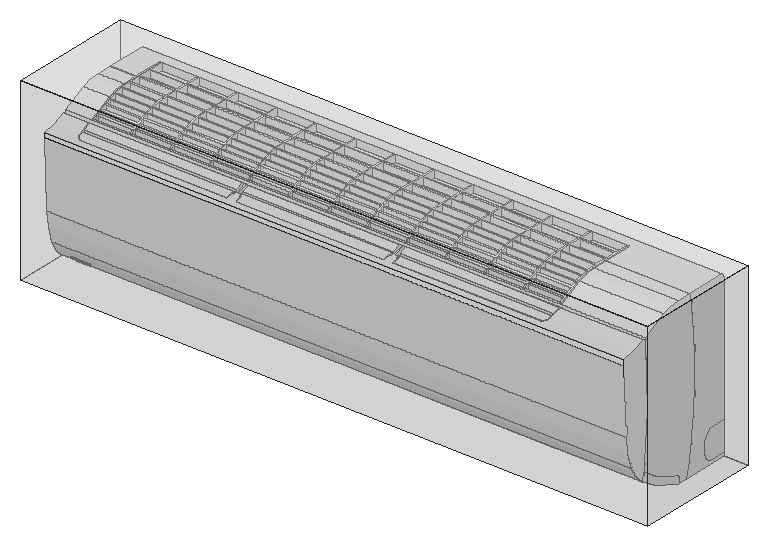
Revit family "outputfile", category 機械設備, Revit 2024
Family settings
  丸型コネクタ寸法 = 半径を使用
  パーツ タイプ = 標準
  OmniClass 番号 = 23.75.10.24.21.27.27
  OmniClass タイトル = Split System Air Conditioning Units
  作業面ベース = いいえ
  常に垂直 = はい
  ロード時にボイドで切り取り = いいえ
  注釈の向きを維持 = いいえ
  共有 = いいえ
  部屋計算ポイント = いいえ
Parameters (values of type "FTKM95PAVMA")
  Description = ""
  製造元 = "Daikin"
  書き出し IFC クラス(タイプ) = "IfcUnitaryEquipmentType"
  定義済み IFC タイプ(タイプ) = "AIRCONDITIONINGUNIT"
  Cost = 0
  モデル = "FTKM95PAVMA"
  Type Comments = ""
  Keynote = ""
  Type Image = (empty or 0)
  Assembly Code = ""
  switch_frequency = yes
  r_Liquid Pipe Size = Liquid Pipe Size / 2  # 3.2 mm
  r_Gas Pipe Size = Gas Pipe Size / 2  # 7.95 mm
  r_Drain Pipe Size = Drain Pipe Size / 2  # 8.0 mm
  lw_powersupply [instance] = if(Left Connection_refrigerant, 389.0 mm, if(Right Connection_refrigerant, 389.0 mm, if(or(Rear Left Connection_refrigerant, Bottom Left Connection_refrigerant), 1120.0 mm, 105.0 mm)))  # 389.0 mm
  lw_liquidpipe [instance] = if(Left Connection_refrigerant, 549.0 mm, if(Right Connection_refrigerant, 549.0 mm, if(or(Rear Left Connection_refrigerant, Bottom Left Connection_refrigerant), 1135.0 mm, 85.0 mm)))  # 549.0 mm
  lw_gaspipe [instance] = if(Left Connection_refrigerant, 489.0 mm, if(Right Connection_refrigerant, 489.0 mm, if(or(Rear Left Connection_refrigerant, Bottom Left Connection_refrigerant), 1150.0 mm, 70.0 mm)))  # 489.0 mm
  lw_drainpipe [instance] = if(Left Connection_refrigerant, 554.0 mm, if(Right Connection_refrigerant, 554.0 mm, if(or(Rear Left Connection_refrigerant, Bottom Left Connection_refrigerant), 1120.0 mm, 105.0 mm)))  # 554.0 mm
  l_powersupply_length [instance] = if(Right Connection_refrigerant, 389.0 mm, if(Left Connection_refrigerant, 811.0 mm, if(or(Rear Left Connection_refrigerant, Rear Right Connection_refrigerant), 15.0 mm, 50.0 mm)))  # 389.0 mm
  l_liquidpipe_length [instance] = if(Right Connection_refrigerant, 549.0 mm, if(Left Connection_refrigerant, 651.0 mm, if(or(Rear Left Connection_refrigerant, Rear Right Connection_refrigerant), 30.0 mm, 40.0 mm)))  # 549.0 mm
  l_gaspipe_length [instance] = if(Right Connection_refrigerant, 489.0 mm, if(Left Connection_refrigerant, 711.0 mm, if(or(Rear Left Connection_refrigerant, Rear Right Connection_refrigerant), 15.0 mm, 25.0 mm)))  # 489.0 mm
  l_drainpipe_length [instance] = if(Right Connection_refrigerant, 554.0 mm, if(Left Connection_refrigerant, 646.0 mm, if(or(Rear Left Connection_refrigerant, Rear Right Connection_refrigerant), 35.0 mm, 30.0 mm)))  # 554.0 mm
  h*** = 0.0 mm  # constant formula
  connector_voltage = Voltage_50Hz  # 230 V
  connector_powerinput = [Power Input (Cooling)]  # 0.000 kW
  connector_phase = Phase_50Hz  # 1
  angle_vertical [instance] = if(or(Bottom Left Connection_refrigerant, Bottom Right Connection_refrigerant), 0.00°, 90.00°)  # 90.00°
  angle_horizontal [instance] = if(Right Connection_refrigerant, 90.00°, if(Left Connection_refrigerant, -90.00°, if(or(Rear Left Connection_refrigerant, Rear Right Connection_refrigerant), 180.00°, 0.00°)))  # 90.00°
  Width = 1200.0 mm
  Voltage_comment_50Hz = "220 - 240"
  Voltage_50Hz = 230 V
  Version = "ver.1.0"
  Unit Type = "Wall Mounted"
  Unit Mass Weight = 17.00 kg
  Unit Designation [instance] = ""
  Uniclass2015Version = "Products v1.30"
  Uniclass2015Title = "Split coil room air conditioning units"
  Uniclass2015Code = "Pr_70_65_03_86"
  URL = ""
  Total Cooling Capacity [instance] = 0.000 kW
  Sound Pressure Level_M speed (dBA) = 48
  Sound Pressure Level_L speed (dBA) = 43
  Sound Pressure Level_H speed (dBA) = 53
  Sound Power Level_H speed (dB) = 0
  Series = "Single Split_Fan Coil Unit"
  Sensible Cooling Capacity [instance] = 0.000 kW
  Refrigerant Type = "R32"
  Power Input (Cooling) = 0.000 kW
  Phase_50Hz = 1
  Option Accessory 3 [instance] = ""
  Option Accessory 2 [instance] = ""
  Option Accessory 1 [instance] = ""
  Nominal Cooling Capacity = 9.400 kW
  Minimum Circuit Amps_50Hz = 0.0 A
  Minimum Airflow = 966.00 m³/h
  Median Airflow = 1160.00 m³/h
  Maximum Fuse Amps_50Hz = 0.0 A
  Maximum Airflow = 1380.00 m³/h
  Material_Casing = DAIKIN_PureWhite_Casing_indoorunit
  Load Classification = HVAC
  Liquid Pipe Size = 6.4 mm
  Link_Nested Family [instance] = ""
  IfcVersion = ""
  IfcExportType = "AIRCONDITIONINGUNIT"
  IfcExportAs = "IfcUnitaryEquipmentType"
  Height = 340.0 mm
  Heat Exchanger Type = "Cross Fin Coil"
  Gas Pipe Size = 15.9 mm
  Frequency_50Hz = 50 Hz
  Fan Type = "Cross Flow Fan"
  Fan Drive = "Direct Drive"
  FCU Tag No. [instance] = ""
  Drain Pipe Size = 16.0 mm
  Design Supply Airflow [instance] = 0.00 m³/h
  Depth = 259.0 mm
  既定の高さ = 0.0 mm
  Cooling Entering Wet Bulb Temperature [instance] = 0.00 °C
  Cooling Entering Dry Bulb Temperature [instance] = 0.00 °C
  Cooling Ambient Wet Bulb Temperature [instance] = 0.00 °C
  Cooling Ambient Dry Bulb Temperature [instance] = 0.00 °C
  Clearance visibility [instance] = yes
  Clearance Top = 30.0 mm
  Clearance Right = 50.0 mm
  Clearance Rear = 0.0 mm
  Clearance Left = 50.0 mm
  Clearance Front = 0.0 mm
  Clearance Bottom = 0.0 mm
  Bottom Right Connection_refrigerant [instance] = no
  Bottom Left Connection_refrigerant [instance] = no
  Rear Right Connection_refrigerant [instance] = no
  Rear Left Connection_refrigerant [instance] = no
  Right Connection_refrigerant [instance] = yes
  Left Connection_refrigerant [instance] = no
Reference planes
  plane 1 "Back": y = 0
  plane 2: z = 0
  plane 3 "Center (Left/Right)": x = 0
  plane 4 "Center (Front/Back)": y = -129.5
  plane 5 "Front": y = -259
  plane 6 "Left": x = -600
  plane 7 "Right": x = 600
  plane 8 "Top": z = 0
  plane 9 "Bottom": z = -340
  plane 10: x = -650
  plane 11: z = -340
  plane 12 "ld_drainpipe": y = -15
  plane 13 "ld_liquidpipe": y = -30
  plane 14: x = 111
  plane 15: x = 51
  plane 16: x = 46
  plane 17: z = 30
  plane 18: x = 650
  plane 19: y = 0
  plane 20: y = -259
  plane 21: x = 211
  plane 22: x = 511
  plane 23: y = -35
Forms (mm)
  Extrusion 1, solid, material "DAIKIN_PureWhite_Casing_indoorunit" <- "Material_Casing"
    sketch origin (0, 0, 0) x (1, 0, 0) y (0, 0, 1)
      loop
        circle (511, -295) r 40
      loop
        circle (-535, -295) r 40
    from 0 to 5
  Extrusion 2, solid, material "DAIKIN_PureWhite_Casing_indoorunit" <- "Material_Casing"
    sketch origin (600, 1296.25, 1200) x (0, -1, 0) y (0, 0, 1)
      loop
        line (1326.25, -1472) -> (1296.25, -1472) -> (1296.25, -1532) -> (1326.25, -1532)
        arc (1326.25, -1532) -> (1340.393, -1526.142) -> (1346.25, -1512) r 20
        line (1346.25, -1512) -> (1346.25, -1492)
        arc (1346.25, -1492) -> (1340.393, -1477.858) -> (1326.25, -1472) r 20
    from 0 to 5
  Extrusion 3, solid, material "DAIKIN_PureWhite_Casing_indoorunit" <- "Material_Casing"
    sketch origin (-600, 1296.25, 1200) x (0, 1, 0) y (0, 0, 1)
      loop
        line (-1296.25, -1472) -> (-1326.25, -1472)
        arc (-1326.25, -1472) -> (-1340.393, -1477.858) -> (-1346.25, -1492) r 20
        line (-1346.25, -1492) -> (-1346.25, -1512)
        arc (-1346.25, -1512) -> (-1340.393, -1526.142) -> (-1326.25, -1532) r 20
        line (-1326.25, -1532) -> (-1296.25, -1532) -> (-1296.25, -1472)
    from 0 to 5
  Extrusion 4, solid, material "DAIKIN_PureWhite_Casing_indoorunit" <- "Material_Casing"
    sketch origin (0, 0, -340) x (-1, 0, 0) y (0, -1, 0)
      loop
        line (-481, 0) -> (-481, 30)
        arc (-481, 30) -> (-486.858, 44.142) -> (-501, 50) r 20
        line (-501, 50) -> (-521, 50)
        arc (-521, 50) -> (-535.142, 44.142) -> (-541, 30) r 20
        line (-541, 30) -> (-541, 0) -> (-481, 0)
      loop
        line (565, 0) -> (565, 30)
        arc (565, 30) -> (559.142, 44.142) -> (545, 50) r 20
        line (545, 50) -> (525, 50)
        arc (525, 50) -> (510.858, 44.142) -> (505, 30) r 20
        line (505, 30) -> (505, 0) -> (565, 0)
    from 0 to 5
  Extrusion 5, solid, material "DAIKIN_PureWhite_Casing_indoorunit" <- "Material_Casing"
    sketch origin (-600, 1296.25, 1200) x (0, 1, 0) y (0, 0, 1)
      loop
        arc (-1384.085, -1200) -> (-1382.584, -1209.393) -> (-1381.156, -1218.797) r 1217.3
        arc (-1381.156, -1218.797) -> (-1378.93, -1237.783) -> (-1376.836, -1256.785) r 2738.4
        arc (-1376.836, -1256.785) -> (-1376.212, -1263.453) -> (-1375.66, -1270.127) r 616.9
        arc (-1375.66, -1270.127) -> (-1373.897, -1298.249) -> (-1372.816, -1326.405) r 1161.9
        arc (-1372.816, -1326.405) -> (-1372.551, -1347.31) -> (-1372.774, -1368.215) r 895.6
        arc (-1372.774, -1368.215) -> (-1373.847, -1397.407) -> (-1375.67, -1426.561) r 1135.9
        arc (-1375.67, -1426.561) -> (-1375.876, -1428.629) -> (-1376.05, -1430.7) r 137.566
        line (-1376.05, -1430.7) -> (-1376.748, -1437.825)
        arc (-1376.748, -1437.825) -> (-1376.846, -1438.875) -> (-1376.947, -1439.926) r 581.3
        arc (-1376.947, -1439.926) -> (-1378.672, -1455.935) -> (-1380.558, -1471.925) r 1594.373
        line (-1380.558, -1471.925) -> (-1381.15, -1476.7) -> (-1382.29, -1485.103)
        arc (-1382.29, -1485.103) -> (-1384.162, -1497.489) -> (-1386.134, -1509.86) r 1546.6
        arc (-1386.134, -1509.86) -> (-1388.869, -1524.943) -> (-1391.741, -1540) r 1684.8
        line (-1391.741, -1540) -> (-1296.25, -1540) -> (-1296.25, -1208) -> (-1301.25, -1200) -> (-1384.085, -1200)
    from 0 to 1200
  Extrusion 6, solid, material "DAIKIN_PureWhite_Casing_indoorunit" <- "Material_Casing"
    sketch origin (-600, 1296.25, 1200) x (0, 1, 0) y (0, 0, 1)
      loop
        arc (-1414.55, -1200) -> (-1434.024, -1201.914) -> (-1452.752, -1207.585) r 100
        arc (-1452.752, -1207.585) -> (-1476.474, -1218.33) -> (-1499.225, -1231) r 314.805
        line (-1499.225, -1231) -> (-1502.28, -1239.145)
        arc (-1502.28, -1239.145) -> (-1495.253, -1346.307) -> (-1501.778, -1453.5) r 851
        line (-1501.778, -1453.5) -> (-1501.982, -1455.13)
        arc (-1501.982, -1455.13) -> (-1503.516, -1466.618) -> (-1505.205, -1478.084) r 851
        arc (-1505.205, -1478.084) -> (-1474.895, -1497.904) -> (-1442.314, -1513.717) r 284.7
        arc (-1442.314, -1513.717) -> (-1431.603, -1517.85) -> (-1420.733, -1521.548) r 284.8
        arc (-1420.733, -1521.548) -> (-1416.044, -1524.921) -> (-1414.25, -1530.411) r 9.3
        line (-1414.25, -1530.411) -> (-1414.25, -1539.117)
        arc (-1414.25, -1539.117) -> (-1412.616, -1539.563) -> (-1410.98, -1540) r 299.8
        line (-1410.98, -1540) -> (-1391.741, -1540)
        arc (-1391.741, -1540) -> (-1389.65, -1529.113) -> (-1387.631, -1518.212) r 1684.8
        line (-1387.631, -1518.212) -> (-1386.731, -1513.212) -> (-1385.002, -1502.84)
        arc (-1385.002, -1502.84) -> (-1383.621, -1493.975) -> (-1382.29, -1485.103) r 1546.6
        line (-1382.29, -1485.103) -> (-1381.15, -1476.7) -> (-1380.558, -1471.925)
        arc (-1380.558, -1471.925) -> (-1378.672, -1455.935) -> (-1376.947, -1439.926) r 1594.373
        arc (-1376.947, -1439.926) -> (-1376.846, -1438.875) -> (-1376.75, -1437.8) r 581.3
        line (-1376.75, -1437.8) -> (-1376.05, -1430.7)
        arc (-1376.05, -1430.7) -> (-1375.876, -1428.629) -> (-1375.67, -1426.561) r 137.566
        arc (-1375.67, -1426.561) -> (-1373.847, -1397.407) -> (-1372.774, -1368.215) r 1135.9
        arc (-1372.774, -1368.215) -> (-1372.551, -1347.31) -> (-1372.816, -1326.405) r 895.6
        arc (-1372.816, -1326.405) -> (-1373.897, -1298.249) -> (-1375.66, -1270.127) r 1161.9
        arc (-1375.66, -1270.127) -> (-1376.212, -1263.453) -> (-1376.836, -1256.785) r 616.9
        arc (-1376.836, -1256.785) -> (-1378.693, -1239.872) -> (-1380.655, -1222.971) r 2738.4
        arc (-1380.655, -1222.971) -> (-1381.22, -1218.629) -> (-1381.831, -1214.293) r 417.8
        arc (-1381.831, -1214.293) -> (-1382.937, -1207.143) -> (-1384.085, -1200) r 1217.3
        line (-1384.085, -1200) -> (-1414.55, -1200)
    from 0 to 1200
  Extrusion 7, solid, material "DAIKIN_PureWhite_Casing_indoorunit" <- "Material_Casing"
    sketch origin (-600, 1296.25, 1200) x (0, 1, 0) y (0, 0, 1)
      loop
        arc (-1507.93, -1494.658) -> (-1478.905, -1512.844) -> (-1447.994, -1527.6) r 299.7
        arc (-1447.994, -1527.6) -> (-1431.293, -1533.86) -> (-1414.25, -1539.117) r 299.8
        line (-1414.25, -1539.117) -> (-1414.25, -1530.411)
        arc (-1414.25, -1530.411) -> (-1416.044, -1524.921) -> (-1420.733, -1521.548) r 9.3
        arc (-1420.733, -1521.548) -> (-1431.603, -1517.85) -> (-1442.314, -1513.717) r 284.8
        arc (-1442.314, -1513.717) -> (-1474.895, -1497.904) -> (-1505.205, -1478.084) r 284.7
        arc (-1505.205, -1478.084) -> (-1506.527, -1486.377) -> (-1507.93, -1494.658) r 851
    from 0 to 1200
  Extrusion 8, void
    sketch origin (-600, 1296.25, 1200) x (0, 1, 0) y (0, 0, 1)
      loop
        line (-1414.25, -1544.301) -> (-1414.25, -1530.411)
        arc (-1414.25, -1530.411) -> (-1416.044, -1524.921) -> (-1420.733, -1521.548) r 9.3
        arc (-1420.733, -1521.548) -> (-1431.603, -1517.85) -> (-1442.314, -1513.717) r 284.8
        arc (-1442.314, -1513.717) -> (-1474.895, -1497.904) -> (-1505.205, -1478.084) r 284.7
        arc (-1505.205, -1478.084) -> (-1506.979, -1489.099) -> (-1508.897, -1500.091) r 851
        arc (-1508.897, -1500.091) -> (-1480.28, -1517.791) -> (-1449.887, -1532.228) r 304.7
        arc (-1449.887, -1532.228) -> (-1432.255, -1538.815) -> (-1414.25, -1544.301) r 304.8
    from 47 to 1024
  Extrusion 9, solid, material "DAIKIN_PureWhite_Casing_indoorunit" <- "Material_Casing"
    sketch origin (-600, 1296.25, 1100) x (0, 1, 0) y (0, 0, 1)
      loop
        arc (-1507.885, -1394.678) -> (-1486.868, -1408.302) -> (-1464.786, -1420.124) r 299.701
        line (-1464.786, -1420.124) -> (-1458.696, -1407.518)
        arc (-1458.696, -1407.518) -> (-1482.692, -1394.492) -> (-1505.335, -1379.235) r 285.7
        arc (-1505.335, -1379.235) -> (-1506.574, -1386.963) -> (-1507.885, -1394.678) r 851.024
      loop
        arc (-1448.076, -1427.563) -> (-1441.661, -1430.104) -> (-1435.19, -1432.496) r 299.8
        line (-1435.19, -1432.496) -> (-1430.487, -1419.314)
        arc (-1430.487, -1419.314) -> (-1444.37, -1413.95) -> (-1457.955, -1407.87) r 285.8
        line (-1457.955, -1407.87) -> (-1464.006, -1420.505)
        arc (-1464.006, -1420.505) -> (-1456.092, -1424.15) -> (-1448.076, -1427.563) r 299.705
    from 52 to 1019
  Extrusion 10, solid, material "DAIKIN_PureWhite_Casing_indoorunit" <- "Material_Casing"
    sketch origin (-600, 1296.25, 1200) x (0, 1, 0) y (0, 0, 1)
      loop
        arc (-1507.918, -1494.588) -> (-1495.467, -1367.485) -> (-1502.176, -1239.949) r 851
        arc (-1502.176, -1239.949) -> (-1502.486, -1237.562) -> (-1502.803, -1235.176) r 851
        line (-1502.803, -1235.176) -> (-1504.147, -1234)
        arc (-1504.147, -1234) -> (-1529.2, -1243.032) -> (-1555.25, -1248.565) r 195
        line (-1555.25, -1248.565) -> (-1555.25, -1258.08)
        arc (-1555.25, -1258.08) -> (-1553.575, -1326.437) -> (-1549.278, -1394.679) r 1781.946
        arc (-1549.278, -1394.679) -> (-1544.581, -1427.054) -> (-1535.917, -1458.6) r 264.022
        arc (-1535.917, -1458.6) -> (-1524.928, -1478.936) -> (-1507.918, -1494.588) r 70.049
    from 0 to 1200
  Extrusion 11, void
    sketch origin (-600, 1296.25, 1200) x (0, 1, 0) y (0, 0, 1)
      loop
        line (-1496.75, -1223.686) -> (-1496.75, -1247.152)
        arc (-1496.75, -1247.152) -> (-1472.513, -1233.15) -> (-1447.076, -1221.469) r 299.805
        arc (-1447.076, -1221.469) -> (-1431.132, -1216.633) -> (-1414.55, -1215) r 85
        line (-1414.55, -1215) -> (-1324.05, -1215) -> (-1324.05, -1195) -> (-1414.55, -1195)
        arc (-1414.55, -1195) -> (-1434.988, -1197.008) -> (-1454.644, -1202.956) r 105
        arc (-1454.644, -1202.956) -> (-1476.078, -1212.547) -> (-1496.75, -1223.686) r 319.805
    from 53 to 1025
  Extrusion 12, solid, material "DAIKIN_PureWhite_Casing_indoorunit" <- "Material_Casing"
    sketch origin (-600, 1296.25, 1200) x (0, 1, 0) y (0, 0, 1)
      loop
        line (-1324.05, -1200) -> (-1414.55, -1200)
        arc (-1414.55, -1200) -> (-1434.024, -1201.914) -> (-1452.752, -1207.585) r 100
        arc (-1452.752, -1207.585) -> (-1475.18, -1217.682) -> (-1496.75, -1229.5) r 314.805
        line (-1496.75, -1229.5) -> (-1496.75, -1247.152)
        arc (-1496.75, -1247.152) -> (-1472.513, -1233.15) -> (-1447.076, -1221.469) r 299.805
        arc (-1447.076, -1221.469) -> (-1431.132, -1216.633) -> (-1414.55, -1215) r 85
        line (-1414.55, -1215) -> (-1324.05, -1215) -> (-1324.05, -1200)
    from 53 to 1025
  Extrusion 13, void
    sketch origin (0, 0, 770.025) x (-1, 0, 0) y (0, -1, 0)
      loop
        arc (546.513, 235.15) -> (542.989, 242.307) -> (535.554, 245.2) r 11
        line (535.554, 245.2) -> (233.402, 245.2) -> (233.402, 231.7) -> (230.402, 231.7) -> (230.402, 227.2) -> (225.152, 227.2) -> (225.152, 206.552) -> (550.37, 206.552)
        arc (550.37, 206.552) -> (549.357, 206.947) -> (548.876, 207.923) r 1.5
        line (548.876, 207.923) -> (546.513, 235.15)
      loop
        arc (-413.554, 245.2) -> (-420.989, 242.307) -> (-424.513, 235.15) r 11
        line (-424.513, 235.15) -> (-426.876, 207.923)
        arc (-426.876, 207.923) -> (-427.357, 206.947) -> (-428.371, 206.552) r 1.5
        line (-428.371, 206.552) -> (-102.848, 206.552) -> (-102.848, 227.2) -> (-108.098, 227.2) -> (-108.098, 231.7) -> (-111.098, 231.7) -> (-111.098, 245.2) -> (-413.554, 245.2)
      loop
        line (222.652, 206.552) -> (222.652, 227.2) -> (217.402, 227.2) -> (217.402, 231.7) -> (214.402, 231.7) -> (214.402, 245.2) -> (-92.098, 245.2) -> (-92.098, 231.7) -> (-95.098, 231.7) -> (-95.098, 227.2) -> (-100.348, 227.2) -> (-100.348, 206.552) -> (222.652, 206.552)
    from -820.404 to -800.025
  Extrusion 14, solid, material "DAIKIN_PureWhite_Casing_indoorunit" <- "Material_Casing"
    sketch origin (0, 0, 820.025) x (-1, 0, 0) y (0, -1, 0)
      loop
        arc (546.513, 235.15) -> (542.989, 242.307) -> (535.554, 245.2) r 11
        line (535.554, 245.2) -> (233.402, 245.2) -> (233.402, 231.7) -> (230.402, 231.7) -> (230.402, 227.2) -> (547.202, 227.2) -> (546.513, 235.15)
      loop
        arc (-413.554, 245.2) -> (-420.989, 242.307) -> (-424.513, 235.15) r 11
        line (-424.513, 235.15) -> (-425.202, 227.2) -> (-108.098, 227.2) -> (-108.098, 231.7) -> (-111.098, 231.7) -> (-111.098, 245.2) -> (-413.554, 245.2)
      loop
        line (548.876, 207.897) -> (547.566, 223) -> (230.402, 223) -> (230.402, 206.552) -> (550.37, 206.552)
        arc (550.37, 206.552) -> (549.357, 206.947) -> (548.876, 207.897) r 1.5
      loop
        line (-108.098, 206.552) -> (-108.098, 223) -> (-425.567, 223) -> (-426.876, 207.923)
        arc (-426.876, 207.923) -> (-427.357, 206.947) -> (-428.371, 206.552) r 1.5
        line (-428.371, 206.552) -> (-108.098, 206.552)
      loop
        line (217.402, 206.552) -> (217.402, 223) -> (-95.098, 223) -> (-95.098, 206.552) -> (217.402, 206.552)
      loop
        line (214.402, 245.2) -> (-92.098, 245.2) -> (-92.098, 231.7) -> (-95.098, 231.7) -> (-95.098, 227.2) -> (217.402, 227.2) -> (217.402, 231.7) -> (214.402, 231.7) -> (214.402, 245.2)
    from -869.974 to -850.025
  Extrusion 15, void
    sketch origin (-600, 1296.25, 1200) x (0, 1, 0) y (0, 0, 1)
      loop
        line (-1504.147, -1234) -> (-1502.803, -1235.176) -> (-1502.803, -1226.787) -> (-1541.45, -1226.787) -> (-1541.45, -1246.098)
        arc (-1541.45, -1246.098) -> (-1522.494, -1240.989) -> (-1504.147, -1234) r 195
    from 42.955 to 1056.244
  Extrusion 16, void
    sketch origin (2000, -3000, 770.025) x (-1, 0, 0) y (0, -1, 0)
      loop
        line (2469.102, -2972.2) -> (2543, -2972.2) -> (2543, -2944.306) -> (2469.102, -2944.306) -> (2469.102, -2972.2)
      loop
        line (2469.102, -2806.638) -> (2543, -2806.638) -> (2543, -2799.5) -> (2469.102, -2799.5) -> (2469.102, -2806.638)
      loop
        line (2469.102, -2816.646) -> (2543, -2816.646) -> (2543, -2809.343) -> (2469.102, -2809.343) -> (2469.102, -2816.646)
      loop
        line (2469.102, -2827.654) -> (2543, -2827.654) -> (2543, -2819.336) -> (2469.102, -2819.336) -> (2469.102, -2827.654)
      loop
        line (2469.102, -2838.661) -> (2543, -2838.661) -> (2543, -2830.33) -> (2469.102, -2830.33) -> (2469.102, -2838.661)
      loop
        line (2469.102, -2852.675) -> (2543, -2852.675) -> (2543, -2841.325) -> (2469.102, -2841.325) -> (2469.102, -2852.675)
      loop
        line (2469.102, -2868.69) -> (2543, -2868.69) -> (2543, -2855.314) -> (2469.102, -2855.314) -> (2469.102, -2868.69)
      loop
        line (2469.102, -2889.694) -> (2543, -2889.694) -> (2543, -2871.306) -> (2469.102, -2871.306) -> (2469.102, -2889.694)
      loop
        line (2469.102, -2913.694) -> (2543, -2913.694) -> (2543, -2892.306) -> (2469.102, -2892.306) -> (2469.102, -2913.694)
      loop
        line (2469.102, -2941.694) -> (2543, -2941.694) -> (2543, -2916.306) -> (2469.102, -2916.306) -> (2469.102, -2941.694)
      loop
        line (2387.902, -2972.2) -> (2466.102, -2972.2) -> (2466.102, -2944.306) -> (2387.902, -2944.306) -> (2387.902, -2972.2)
      loop
        line (2387.902, -2806.638) -> (2466.102, -2806.638) -> (2466.102, -2799.5) -> (2387.902, -2799.5) -> (2387.902, -2806.638)
      loop
        line (2387.902, -2816.646) -> (2466.102, -2816.646) -> (2466.102, -2809.343) -> (2387.902, -2809.343) -> (2387.902, -2816.646)
      loop
        line (2387.902, -2827.654) -> (2466.102, -2827.654) -> (2466.102, -2819.336) -> (2387.902, -2819.336) -> (2387.902, -2827.654)
      loop
        line (2387.902, -2838.661) -> (2466.102, -2838.661) -> (2466.102, -2830.33) -> (2387.902, -2830.33) -> (2387.902, -2838.661)
      loop
        line (2387.902, -2852.675) -> (2466.102, -2852.675) -> (2466.102, -2841.325) -> (2387.902, -2841.325) -> (2387.902, -2852.675)
      loop
        line (2387.902, -2868.69) -> (2466.102, -2868.69) -> (2466.102, -2855.314) -> (2387.902, -2855.314) -> (2387.902, -2868.69)
      loop
        line (2387.902, -2889.694) -> (2466.102, -2889.694) -> (2466.102, -2871.306) -> (2387.902, -2871.306) -> (2387.902, -2889.694)
      loop
        line (2387.902, -2913.694) -> (2466.102, -2913.694) -> (2466.102, -2892.306) -> (2387.902, -2892.306) -> (2387.902, -2913.694)
      loop
        line (2387.902, -2941.694) -> (2466.102, -2941.694) -> (2466.102, -2916.306) -> (2387.902, -2916.306) -> (2387.902, -2941.694)
      loop
        line (2225.152, -2972.2) -> (2303.702, -2972.2) -> (2303.702, -2944.306) -> (2225.152, -2944.306) -> (2225.152, -2972.2)
      loop
        line (2225.152, -2806.638) -> (2303.702, -2806.638) -> (2303.702, -2799.5) -> (2225.152, -2799.5) -> (2225.152, -2806.638)
      loop
        line (2225.152, -2816.646) -> (2303.702, -2816.646) -> (2303.702, -2809.343) -> (2225.152, -2809.343) -> (2225.152, -2816.646)
      loop
        line (2225.152, -2827.654) -> (2303.702, -2827.654) -> (2303.702, -2819.336) -> (2225.152, -2819.336) -> (2225.152, -2827.654)
      loop
        line (2225.152, -2838.661) -> (2303.702, -2838.661) -> (2303.702, -2830.33) -> (2225.152, -2830.33) -> (2225.152, -2838.661)
      loop
        line (2225.152, -2852.675) -> (2303.702, -2852.675) -> (2303.702, -2841.325) -> (2225.152, -2841.325) -> (2225.152, -2852.675)
      loop
        line (2225.152, -2868.69) -> (2303.702, -2868.69) -> (2303.702, -2855.314) -> (2225.152, -2855.314) -> (2225.152, -2868.69)
      loop
        line (2225.152, -2889.694) -> (2303.702, -2889.694) -> (2303.702, -2871.306) -> (2225.152, -2871.306) -> (2225.152, -2889.694)
      loop
        line (2225.152, -2913.694) -> (2303.702, -2913.694) -> (2303.702, -2892.306) -> (2225.152, -2892.306) -> (2225.152, -2913.694)
      loop
        line (2225.152, -2941.694) -> (2303.702, -2941.694) -> (2303.702, -2916.306) -> (2225.152, -2916.306) -> (2225.152, -2941.694)
      loop
        line (2306.702, -2972.2) -> (2384.902, -2972.2) -> (2384.902, -2944.306) -> (2306.702, -2944.306) -> (2306.702, -2972.2)
      loop
        line (2306.702, -2806.638) -> (2384.902, -2806.638) -> (2384.902, -2799.5) -> (2306.702, -2799.5) -> (2306.702, -2806.638)
      loop
        line (2306.702, -2816.646) -> (2384.902, -2816.646) -> (2384.902, -2809.343) -> (2306.702, -2809.343) -> (2306.702, -2816.646)
      loop
        line (2306.702, -2827.654) -> (2384.902, -2827.654) -> (2384.902, -2819.336) -> (2306.702, -2819.336) -> (2306.702, -2827.654)
      loop
        line (2306.702, -2838.661) -> (2384.902, -2838.661) -> (2384.902, -2830.33) -> (2306.702, -2830.33) -> (2306.702, -2838.661)
      loop
        line (2306.702, -2852.675) -> (2384.902, -2852.675) -> (2384.902, -2841.325) -> (2306.702, -2841.325) -> (2306.702, -2852.675)
      loop
        line (2306.702, -2868.69) -> (2384.902, -2868.69) -> (2384.902, -2855.314) -> (2306.702, -2855.314) -> (2306.702, -2868.69)
      loop
        line (2306.702, -2889.694) -> (2384.902, -2889.694) -> (2384.902, -2871.306) -> (2306.702, -2871.306) -> (2306.702, -2889.694)
      loop
        line (2306.702, -2913.694) -> (2384.902, -2913.694) -> (2384.902, -2892.306) -> (2306.702, -2892.306) -> (2306.702, -2913.694)
      loop
        line (2306.702, -2941.694) -> (2384.902, -2941.694) -> (2384.902, -2916.306) -> (2306.702, -2916.306) -> (2306.702, -2941.694)
      loop
        line (2143.602, -2972.2) -> (2222.652, -2972.2) -> (2222.652, -2944.306) -> (2143.602, -2944.306) -> (2143.602, -2972.2)
      loop
        line (2143.602, -2806.638) -> (2222.652, -2806.638) -> (2222.652, -2799.5) -> (2143.602, -2799.5) -> (2143.602, -2806.638)
      loop
        line (2143.602, -2816.646) -> (2222.652, -2816.646) -> (2222.652, -2809.343) -> (2143.602, -2809.343) -> (2143.602, -2816.646)
      loop
        line (2143.602, -2827.654) -> (2222.652, -2827.654) -> (2222.652, -2819.336) -> (2143.602, -2819.336) -> (2143.602, -2827.654)
      loop
        line (2143.602, -2838.661) -> (2222.652, -2838.661) -> (2222.652, -2830.33) -> (2143.602, -2830.33) -> (2143.602, -2838.661)
      loop
        line (2143.602, -2852.675) -> (2222.652, -2852.675) -> (2222.652, -2841.325) -> (2143.602, -2841.325) -> (2143.602, -2852.675)
      loop
        line (2143.602, -2868.69) -> (2222.652, -2868.69) -> (2222.652, -2855.314) -> (2143.602, -2855.314) -> (2143.602, -2868.69)
      loop
        line (2143.602, -2889.694) -> (2222.652, -2889.694) -> (2222.652, -2871.306) -> (2143.602, -2871.306) -> (2143.602, -2889.694)
      loop
        line (2143.602, -2913.694) -> (2222.652, -2913.694) -> (2222.652, -2892.306) -> (2143.602, -2892.306) -> (2143.602, -2913.694)
      loop
        line (2143.602, -2941.694) -> (2222.652, -2941.694) -> (2222.652, -2916.306) -> (2143.602, -2916.306) -> (2143.602, -2941.694)
      loop
        line (2062.402, -2972.2) -> (2140.602, -2972.2) -> (2140.602, -2944.306) -> (2062.402, -2944.306) -> (2062.402, -2972.2)
      loop
        line (2062.402, -2806.638) -> (2140.602, -2806.638) -> (2140.602, -2799.5) -> (2062.402, -2799.5) -> (2062.402, -2806.638)
      loop
        line (2062.402, -2816.646) -> (2140.602, -2816.646) -> (2140.602, -2809.343) -> (2062.402, -2809.343) -> (2062.402, -2816.646)
      loop
        line (2062.402, -2827.654) -> (2140.602, -2827.654) -> (2140.602, -2819.336) -> (2062.402, -2819.336) -> (2062.402, -2827.654)
      loop
        line (2062.402, -2838.661) -> (2140.602, -2838.661) -> (2140.602, -2830.33) -> (2062.402, -2830.33) -> (2062.402, -2838.661)
      loop
        line (2062.402, -2852.675) -> (2140.602, -2852.675) -> (2140.602, -2841.325) -> (2062.402, -2841.325) -> (2062.402, -2852.675)
      loop
        line (2062.402, -2868.69) -> (2140.602, -2868.69) -> (2140.602, -2855.314) -> (2062.402, -2855.314) -> (2062.402, -2868.69)
      loop
        line (2062.402, -2889.694) -> (2140.602, -2889.694) -> (2140.602, -2871.306) -> (2062.402, -2871.306) -> (2062.402, -2889.694)
      loop
        line (2062.402, -2913.694) -> (2140.602, -2913.694) -> (2140.602, -2892.306) -> (2062.402, -2892.306) -> (2062.402, -2913.694)
      loop
        line (2062.402, -2941.694) -> (2140.602, -2941.694) -> (2140.602, -2916.306) -> (2062.402, -2916.306) -> (2062.402, -2941.694)
      loop
        line (1981.202, -2972.2) -> (2059.402, -2972.2) -> (2059.402, -2944.306) -> (1981.202, -2944.306) -> (1981.202, -2972.2)
      loop
        line (1981.202, -2806.638) -> (2059.402, -2806.638) -> (2059.402, -2799.5) -> (1981.202, -2799.5) -> (1981.202, -2806.638)
      loop
        line (1981.202, -2816.646) -> (2059.402, -2816.646) -> (2059.402, -2809.343) -> (1981.202, -2809.343) -> (1981.202, -2816.646)
      loop
        line (1981.202, -2827.654) -> (2059.402, -2827.654) -> (2059.402, -2819.336) -> (1981.202, -2819.336) -> (1981.202, -2827.654)
      loop
        line (1981.202, -2838.661) -> (2059.402, -2838.661) -> (2059.402, -2830.33) -> (1981.202, -2830.33) -> (1981.202, -2838.661)
      loop
        line (1981.202, -2852.675) -> (2059.402, -2852.675) -> (2059.402, -2841.325) -> (1981.202, -2841.325) -> (1981.202, -2852.675)
      loop
        line (1981.202, -2868.69) -> (2059.402, -2868.69) -> (2059.402, -2855.314) -> (1981.202, -2855.314) -> (1981.202, -2868.69)
      loop
        line (1981.202, -2889.694) -> (2059.402, -2889.694) -> (2059.402, -2871.306) -> (1981.202, -2871.306) -> (1981.202, -2889.694)
      loop
        line (1981.202, -2913.694) -> (2059.402, -2913.694) -> (2059.402, -2892.306) -> (1981.202, -2892.306) -> (1981.202, -2913.694)
      loop
        line (1981.202, -2941.694) -> (2059.402, -2941.694) -> (2059.402, -2916.306) -> (1981.202, -2916.306) -> (1981.202, -2941.694)
      loop
        line (1899.652, -2972.2) -> (1978.202, -2972.2) -> (1978.202, -2944.306) -> (1899.652, -2944.306) -> (1899.652, -2972.2)
      loop
        line (1899.652, -2806.638) -> (1978.202, -2806.638) -> (1978.202, -2799.5) -> (1899.652, -2799.5) -> (1899.652, -2806.638)
      loop
        line (1899.652, -2816.646) -> (1978.202, -2816.646) -> (1978.202, -2809.343) -> (1899.652, -2809.343) -> (1899.652, -2816.646)
      loop
        line (1899.652, -2827.654) -> (1978.202, -2827.654) -> (1978.202, -2819.336) -> (1899.652, -2819.336) -> (1899.652, -2827.654)
      loop
        line (1899.652, -2838.661) -> (1978.202, -2838.661) -> (1978.202, -2830.33) -> (1899.652, -2830.33) -> (1899.652, -2838.661)
      loop
        line (1899.652, -2852.675) -> (1978.202, -2852.675) -> (1978.202, -2841.325) -> (1899.652, -2841.325) -> (1899.652, -2852.675)
      loop
        line (1899.652, -2868.69) -> (1978.202, -2868.69) -> (1978.202, -2855.314) -> (1899.652, -2855.314) -> (1899.652, -2868.69)
      loop
        line (1899.652, -2889.694) -> (1978.202, -2889.694) -> (1978.202, -2871.306) -> (1899.652, -2871.306) -> (1899.652, -2889.694)
      loop
        line (1899.652, -2913.694) -> (1978.202, -2913.694) -> (1978.202, -2892.306) -> (1899.652, -2892.306) -> (1899.652, -2913.694)
      loop
        line (1899.652, -2941.694) -> (1978.202, -2941.694) -> (1978.202, -2916.306) -> (1899.652, -2916.306) -> (1899.652, -2941.694)
      loop
        line (1818.102, -2972.2) -> (1897.152, -2972.2) -> (1897.152, -2944.306) -> (1818.102, -2944.306) -> (1818.102, -2972.2)
      loop
        line (1818.102, -2806.638) -> (1897.152, -2806.638) -> (1897.152, -2799.5) -> (1818.102, -2799.5) -> (1818.102, -2806.638)
      loop
        line (1818.102, -2816.646) -> (1897.152, -2816.646) -> (1897.152, -2809.343) -> (1818.102, -2809.343) -> (1818.102, -2816.646)
      loop
        line (1818.102, -2827.654) -> (1897.152, -2827.654) -> (1897.152, -2819.336) -> (1818.102, -2819.336) -> (1818.102, -2827.654)
      loop
        line (1818.102, -2838.661) -> (1897.152, -2838.661) -> (1897.152, -2830.33) -> (1818.102, -2830.33) -> (1818.102, -2838.661)
      loop
        line (1818.102, -2852.675) -> (1897.152, -2852.675) -> (1897.152, -2841.325) -> (1818.102, -2841.325) -> (1818.102, -2852.675)
      loop
        line (1818.102, -2868.69) -> (1897.152, -2868.69) -> (1897.152, -2855.314) -> (1818.102, -2855.314) -> (1818.102, -2868.69)
      loop
        line (1818.102, -2889.694) -> (1897.152, -2889.694) -> (1897.152, -2871.306) -> (1818.102, -2871.306) -> (1818.102, -2889.694)
      loop
        line (1818.102, -2913.694) -> (1897.152, -2913.694) -> (1897.152, -2892.306) -> (1818.102, -2892.306) -> (1818.102, -2913.694)
      loop
        line (1818.102, -2941.694) -> (1897.152, -2941.694) -> (1897.152, -2916.306) -> (1818.102, -2916.306) -> (1818.102, -2941.694)
      loop
        line (1736.902, -2972.2) -> (1815.102, -2972.2) -> (1815.102, -2944.306) -> (1736.902, -2944.306) -> (1736.902, -2972.2)
      loop
        line (1736.902, -2806.638) -> (1815.102, -2806.638) -> (1815.102, -2799.5) -> (1736.902, -2799.5) -> (1736.902, -2806.638)
      loop
        line (1736.902, -2816.646) -> (1815.102, -2816.646) -> (1815.102, -2809.343) -> (1736.902, -2809.343) -> (1736.902, -2816.646)
      loop
        line (1736.902, -2827.654) -> (1815.102, -2827.654) -> (1815.102, -2819.336) -> (1736.902, -2819.336) -> (1736.902, -2827.654)
      loop
        line (1736.902, -2838.661) -> (1815.102, -2838.661) -> (1815.102, -2830.33) -> (1736.902, -2830.33) -> (1736.902, -2838.661)
      loop
        line (1736.902, -2852.675) -> (1815.102, -2852.675) -> (1815.102, -2841.325) -> (1736.902, -2841.325) -> (1736.902, -2852.675)
      loop
        line (1736.902, -2868.69) -> (1815.102, -2868.69) -> (1815.102, -2855.314) -> (1736.902, -2855.314) -> (1736.902, -2868.69)
      loop
        line (1736.902, -2889.694) -> (1815.102, -2889.694) -> (1815.102, -2871.306) -> (1736.902, -2871.306) -> (1736.902, -2889.694)
      loop
        line (1736.902, -2913.694) -> (1815.102, -2913.694) -> (1815.102, -2892.306) -> (1736.902, -2892.306) -> (1736.902, -2913.694)
      loop
        line (1736.902, -2941.694) -> (1815.102, -2941.694) -> (1815.102, -2916.306) -> (1736.902, -2916.306) -> (1736.902, -2941.694)
      loop
        line (1655.702, -2972.2) -> (1733.902, -2972.2) -> (1733.902, -2944.306) -> (1655.702, -2944.306) -> (1655.702, -2972.2)
      loop
        line (1655.702, -2806.638) -> (1733.902, -2806.638) -> (1733.902, -2799.5) -> (1655.702, -2799.5) -> (1655.702, -2806.638)
      loop
        line (1655.702, -2816.646) -> (1733.902, -2816.646) -> (1733.902, -2809.343) -> (1655.702, -2809.343) -> (1655.702, -2816.646)
      loop
        line (1655.702, -2827.654) -> (1733.902, -2827.654) -> (1733.902, -2819.336) -> (1655.702, -2819.336) -> (1655.702, -2827.654)
      loop
        line (1655.702, -2838.661) -> (1733.902, -2838.661) -> (1733.902, -2830.33) -> (1655.702, -2830.33) -> (1655.702, -2838.661)
      loop
        line (1655.702, -2852.675) -> (1733.902, -2852.675) -> (1733.902, -2841.325) -> (1655.702, -2841.325) -> (1655.702, -2852.675)
      loop
        line (1655.702, -2868.69) -> (1733.902, -2868.69) -> (1733.902, -2855.314) -> (1655.702, -2855.314) -> (1655.702, -2868.69)
      loop
        line (1655.702, -2889.694) -> (1733.902, -2889.694) -> (1733.902, -2871.306) -> (1655.702, -2871.306) -> (1655.702, -2889.694)
      loop
        line (1655.702, -2913.694) -> (1733.902, -2913.694) -> (1733.902, -2892.306) -> (1655.702, -2892.306) -> (1655.702, -2913.694)
      loop
        line (1655.702, -2941.694) -> (1733.902, -2941.694) -> (1733.902, -2916.306) -> (1655.702, -2916.306) -> (1655.702, -2941.694)
      loop
        line (1579, -2972.2) -> (1652.702, -2972.2) -> (1652.702, -2944.306) -> (1579, -2944.306) -> (1579, -2972.2)
      loop
        line (1579, -2806.638) -> (1652.702, -2806.638) -> (1652.702, -2799.5) -> (1579, -2799.5) -> (1579, -2806.638)
      loop
        line (1579, -2816.646) -> (1652.702, -2816.646) -> (1652.702, -2809.343) -> (1579, -2809.343) -> (1579, -2816.646)
      loop
        line (1579, -2827.654) -> (1652.702, -2827.654) -> (1652.702, -2819.336) -> (1579, -2819.336) -> (1579, -2827.654)
      loop
        line (1579, -2838.661) -> (1652.702, -2838.661) -> (1652.702, -2830.33) -> (1579, -2830.33) -> (1579, -2838.661)
      loop
        line (1579, -2852.675) -> (1652.702, -2852.675) -> (1652.702, -2841.325) -> (1579, -2841.325) -> (1579, -2852.675)
      loop
        line (1579, -2868.69) -> (1652.702, -2868.69) -> (1652.702, -2855.314) -> (1579, -2855.314) -> (1579, -2868.69)
      loop
        line (1579, -2889.694) -> (1652.702, -2889.694) -> (1652.702, -2871.306) -> (1579, -2871.306) -> (1579, -2889.694)
      loop
        line (1579, -2913.694) -> (1652.702, -2913.694) -> (1652.702, -2892.306) -> (1579, -2892.306) -> (1579, -2913.694)
      loop
        line (1579, -2941.694) -> (1652.702, -2941.694) -> (1652.702, -2916.306) -> (1579, -2916.306) -> (1579, -2941.694)
    from -762.353 to -819.974
Cuts and joins
  Extrusion 8 cuts Extrusion 7
  Extrusion 11 cuts Extrusion 5
  Extrusion 11 cuts Extrusion 6
  Extrusion 13 cuts Extrusion 10
  Extrusion 15 cuts Extrusion 14
  Extrusion 16 cuts Extrusion 12
Lines and regions (mm)
  reference lines
    curve 1: line (-523, -227.534, -280.336) -> (-523, -220.902, -287.82)
Dimensions and locks
  equal spacing: plane 6 "Left", plane 3 "Center (Left/Right)", plane 7 "Right"
  "Width": plane 6 "Left" to plane 7 "Right"
  equal spacing: plane 5 "Front", plane 4 "Center (Front/Back)", plane 1 "Back"
  "Depth": plane 5 "Front" to plane 1 "Back"
  "Height": plane 8 "Top" to plane 9 "Bottom"
  "Clearance Bottom": plane 9 "Bottom" to plane 11
  locked: plane 9 "Bottom" to Extrusion 1 sketch curve at 45  (x2)
  locked: Extrusion 1 sketch curve to plane 6 "Left" at 65
  locked: plane 7 "Right" to Extrusion 1 sketch curve at 89
  locked: plane 12 "ld_drainpipe" to plane 1 "Back" at 15
  locked: plane 1 "Back" to plane 13 "ld_liquidpipe" at 30
  Extrusion 2 sketch curve to Extrusion 2 sketch curve to plane 9 "Bottom" = 60.0 mm locked, 8.0 mm locked
  locked: Extrusion 2 sketch curve to Extrusion 2 sketch curve at 50
  locked: Extrusion 4 sketch curve to Extrusion 4 sketch curve at 60  (x2)
  locked: Extrusion 4 sketch curve to Extrusion 4 sketch curve at 50
  locked: plane 6 "Left" to Extrusion 4 sketch curve at 35
  "Clearance Left": plane 10 to plane 6 "Left"
  locked: Extrusion 4 sketch curve to plane 7 "Right" at 59
  "Clearance Top": plane 17 to plane 8 "Top"
  "Clearance Right": plane 7 "Right" to plane 18
  "Clearance Rear": plane 1 "Back" to plane 19
  "Clearance Front": plane 20 to plane 5 "Front"
  locked: plane 22 to plane 7 "Right" at 89
  "lw_powersupply": plane 21 to plane 7 "Right"
  "lw_gaspipe": plane 14 to plane 7 "Right"
  "lw_liquidpipe": plane 15 to plane 7 "Right"
  "lw_drainpipe": plane 16 to plane 7 "Right"
  locked: plane 23 to plane 1 "Back" at 35
  aligned and locked: level to plane 2
  aligned and locked: plane 10 to nested 1
  aligned and locked: plane 11 to nested 1
  aligned and locked: plane 1 "Back" to Extrusion 2 sketch curve
  aligned and locked: Extrusion 3 sketch curve to Extrusion 2  (x4)
  aligned and locked: Extrusion 4 sketch curve to Extrusion 4 sketch curve  (x2)
  aligned and locked: plane 1 "Back" to Extrusion 4 sketch curve
  aligned and locked: nested 4 to plane 13 "ld_liquidpipe"
  aligned and locked: nested 5 to plane 12 "ld_drainpipe"
  aligned and locked: level to plane 8 "Top"
  aligned and locked: Extrusion 5 to plane 6 "Left"
  aligned and locked: Extrusion 5 to plane 7 "Right"
  aligned and locked: Extrusion 6 to plane 6 "Left"
  aligned and locked: Extrusion 6 to plane 7 "Right"
  aligned and locked: Extrusion 7 to plane 6 "Left"
  aligned and locked: Extrusion 7 to plane 7 "Right"
  aligned and locked: Extrusion 10 to plane 6 "Left"
  aligned and locked: plane 7 "Right" to Extrusion 10
  aligned and locked: nested 5 to plane 14
  aligned and locked: nested 4 to plane 15
  aligned and locked: nested 3 to plane 16
  aligned and locked: plane 17 to nested 1
  aligned and locked: nested 1 to plane 18
  aligned and locked: nested 1 to plane 19
  aligned and locked: plane 20 to nested 1
  aligned and locked: nested 6 to plane 12 "ld_drainpipe"
  aligned and locked: plane 21 to nested 6
  aligned and locked: plane 23 to nested 3
Automatic sketch dimensions
  Extrusion 2 sketch curve to plane 13 "ld_liquidpipe" = 0.0 mm  (x2)
  Extrusion 4 sketch curve to plane 13 "ld_liquidpipe" = 0.0 mm  (x4)
  Extrusion 5 sketch curve to plane 9 "Bottom" = 0.0 mm
  Extrusion 5 sketch curve to level = 0.0 mm
  Extrusion 5 sketch curve to plane 1 "Back" = 0.0 mm
  plane 1 "Back" to Extrusion 5 sketch curve = 5.0 mm
  Extrusion 5 sketch curve to Extrusion 5 sketch curve = 4.508 mm
  Extrusion 5 sketch curve to Extrusion 5 sketch curve = 0.592 mm
  Extrusion 5 sketch curve to Extrusion 5 sketch curve = 1.14 mm
  Extrusion 5 sketch curve to Extrusion 5 sketch curve = 82.835 mm
  Extrusion 5 sketch curve to Extrusion 5 sketch curve = 9.451 mm
  Extrusion 5 sketch curve to Extrusion 5 sketch curve = 35.18 mm
  Extrusion 5 sketch curve to Extrusion 5 sketch curve = 277.42 mm
  Extrusion 5 sketch curve to Extrusion 5 sketch curve = 240.2 mm
  Extrusion 5 sketch curve to Extrusion 5 sketch curve = 25.965 mm
  Extrusion 5 sketch curve to Extrusion 5 sketch curve = 51.052 mm
  Extrusion 5 sketch curve to Extrusion 5 sketch curve = 327.082 mm
  Extrusion 5 sketch curve to Extrusion 5 sketch curve = 50.537 mm
  Extrusion 5 sketch curve to level = 16.8 mm
  Extrusion 5 sketch curve to Extrusion 5 sketch curve = 82.263 mm
  Extrusion 5 sketch curve to plane 9 "Bottom" = 7.229 mm
  Extrusion 5 sketch curve to Extrusion 5 sketch curve = 1054.539 mm
  Extrusion 5 sketch curve to plane 1 "Back" = 57.362 mm
  Extrusion 5 sketch curve to Extrusion 5 sketch curve = 41.225 mm
  Extrusion 5 sketch curve to Extrusion 5 sketch curve = 15.795 mm
  Extrusion 5 sketch curve to level = 8.0 mm
  Extrusion 5 sketch curve to Extrusion 5 sketch curve = 0.042 mm
  Extrusion 5 sketch curve to Extrusion 5 sketch curve = 0.697 mm
  Extrusion 5 sketch curve to Extrusion 5 sketch curve = 0.003 mm
  Extrusion 5 sketch curve to Extrusion 5 sketch curve = 1.176 mm
  Extrusion 5 sketch curve to Extrusion 5 sketch curve = 0.199 mm
  Extrusion 5 sketch curve to Extrusion 5 sketch curve = 0.025 mm
  Extrusion 6 sketch curve to Extrusion 6 sketch curve = 0.0 mm  (x6)
  Extrusion 6 sketch curve to level = 0.0 mm
  Extrusion 6 sketch curve to plane 9 "Bottom" = 0.0 mm
  Extrusion 6 sketch curve to plane 9 "Bottom" = 7.229 mm
  Extrusion 6 sketch curve to level = 16.8 mm
  Extrusion 6 sketch curve to Extrusion 6 sketch curve = 1054.539 mm
  Extrusion 6 sketch curve to Extrusion 6 sketch curve = 82.263 mm
  Extrusion 6 sketch curve to Extrusion 6 sketch curve = 50.537 mm
  Extrusion 6 sketch curve to Extrusion 6 sketch curve = 327.082 mm
  Extrusion 6 sketch curve to Extrusion 6 sketch curve = 51.052 mm
  Extrusion 6 sketch curve to Extrusion 6 sketch curve = 25.965 mm
  Extrusion 6 sketch curve to Extrusion 6 sketch curve = 162.1 mm
  Extrusion 6 sketch curve to Extrusion 6 sketch curve = 78.1 mm
  Extrusion 6 sketch curve to Extrusion 6 sketch curve = 35.18 mm
  Extrusion 6 sketch curve to Extrusion 6 sketch curve = 0.205 mm
  Extrusion 6 sketch curve to Extrusion 6 sketch curve = 3.054 mm
  plane 4 "Center (Front/Back)" to Extrusion 6 sketch curve = 2.2 mm
  plane 4 "Center (Front/Back)" to Extrusion 6 sketch curve = 11.2 mm
  Extrusion 6 sketch curve to Extrusion 6 sketch curve = 9.3 mm
  Extrusion 6 sketch curve to Extrusion 6 sketch curve = 3.27 mm
  Extrusion 6 sketch curve to Extrusion 6 sketch curve = 19.239 mm
  Extrusion 6 sketch curve to Extrusion 6 sketch curve = 0.9 mm
  Extrusion 6 sketch curve to Extrusion 6 sketch curve = 1.729 mm
  Extrusion 6 sketch curve to Extrusion 6 sketch curve = 30.465 mm
  Extrusion 6 sketch curve to Extrusion 6 sketch curve = 2.712 mm
  Extrusion 6 sketch curve to Extrusion 6 sketch curve = 1.14 mm
  Extrusion 6 sketch curve to Extrusion 6 sketch curve = 0.592 mm
  Extrusion 6 sketch curve to Extrusion 6 sketch curve = 0.096 mm
  Extrusion 6 sketch curve to plane 1 "Back" = 57.362 mm
  Extrusion 6 sketch curve to Extrusion 6 sketch curve = 0.883 mm
  Extrusion 6 sketch curve to Extrusion 6 sketch curve = 8.706 mm
  Extrusion 6 sketch curve to Extrusion 6 sketch curve = 1.63 mm
  Extrusion 6 sketch curve to Extrusion 6 sketch curve = 41.225 mm
  Extrusion 6 sketch curve to Extrusion 6 sketch curve = 15.795 mm
  Extrusion 6 sketch curve to Extrusion 6 sketch curve = 0.069 mm
  Extrusion 6 sketch curve to Extrusion 6 sketch curve = 8.145 mm
  Extrusion 6 sketch curve to level = 14.293 mm
  Extrusion 6 sketch curve to Extrusion 6 sketch curve = 1.175 mm
  Extrusion 6 sketch curve to Extrusion 6 sketch curve = 0.896 mm
  Extrusion 6 sketch curve to Extrusion 6 sketch curve = 3.819 mm
  Extrusion 6 sketch curve to Extrusion 6 sketch curve = 0.196 mm
  Extrusion 6 sketch curve to Extrusion 6 sketch curve = 0.003 mm
  Extrusion 6 sketch curve to Extrusion 6 sketch curve = 0.381 mm
  Extrusion 6 sketch curve to Extrusion 6 sketch curve = 1.176 mm
  Extrusion 6 sketch curve to Extrusion 6 sketch curve = 0.025 mm
  Extrusion 7 sketch curve to Extrusion 7 sketch curve = 0.0 mm  (x6)
  plane 4 "Center (Front/Back)" to Extrusion 7 sketch curve = 2.2 mm
  plane 9 "Bottom" to Extrusion 7 sketch curve = 0.883 mm
  plane 4 "Center (Front/Back)" to Extrusion 7 sketch curve = 11.5 mm
  Extrusion 7 sketch curve to Extrusion 7 sketch curve = 0.096 mm
  plane 9 "Bottom" to Extrusion 7 sketch curve = 9.589 mm
  Extrusion 7 sketch curve to level = 50.2 mm
  Extrusion 7 sketch curve to Extrusion 7 sketch curve = 0.069 mm
  Extrusion 7 sketch curve to Extrusion 7 sketch curve = 87.197 mm
  Extrusion 8 sketch curve to Extrusion 8 sketch curve = 0.0 mm  (x6)
  plane 4 "Center (Front/Back)" to Extrusion 8 sketch curve = 2.2 mm
  Extrusion 8 sketch curve to Extrusion 8 sketch curve = 9.3 mm
  Extrusion 8 sketch curve to Extrusion 8 sketch curve = 0.096 mm
  plane 9 "Bottom" to Extrusion 8 sketch curve = 9.589 mm
  Extrusion 8 sketch curve to plane 9 "Bottom" = 4.301 mm
  Extrusion 8 sketch curve to level = 50.2 mm
  Extrusion 8 sketch curve to Extrusion 8 sketch curve = 0.069 mm
  Extrusion 8 sketch curve to Extrusion 8 sketch curve = 85.347 mm
  Extrusion 9 sketch curve to Extrusion 9 sketch curve = 0.781 mm
  Extrusion 9 sketch curve to Extrusion 9 sketch curve = 0.742 mm
  Extrusion 9 sketch curve to plane 4 "Center (Front/Back)" = 9.439 mm
  Extrusion 9 sketch curve to plane 4 "Center (Front/Back)" = 4.737 mm
  Extrusion 9 sketch curve to Extrusion 9 sketch curve = 0.132 mm
  Extrusion 9 sketch curve to Extrusion 9 sketch curve = 0.055 mm
  Extrusion 9 sketch curve to Extrusion 9 sketch curve = 0.065 mm
  Extrusion 9 sketch curve to Extrusion 9 sketch curve = 0.031 mm
  Extrusion 9 sketch curve to Extrusion 9 sketch curve = 0.353 mm
  Extrusion 9 sketch curve to Extrusion 9 sketch curve = 11.444 mm
  Extrusion 9 sketch curve to Extrusion 9 sketch curve = 0.381 mm
  Extrusion 9 sketch curve to Extrusion 9 sketch curve = 13.182 mm
  Extrusion 9 sketch curve to Extrusion 9 sketch curve = 0.094 mm
  Extrusion 9 sketch curve to Extrusion 9 sketch curve = 0.026 mm
  Extrusion 9 sketch curve to Extrusion 9 sketch curve = 0.062 mm
  Extrusion 9 sketch curve to Extrusion 9 sketch curve = 0.016 mm
  Extrusion 10 sketch curve to plane 5 "Front" = 0.0 mm
  plane 5 "Front" to Extrusion 10 sketch curve = 27.4 mm
  Extrusion 10 sketch curve to Extrusion 10 sketch curve = 1.344 mm
  Extrusion 10 sketch curve to plane 1 "Back" = 10.106 mm
  Extrusion 10 sketch curve to level = 48.598 mm
  Extrusion 10 sketch curve to Extrusion 10 sketch curve = 9.515 mm
  Extrusion 10 sketch curve to level = 35.176 mm
  Extrusion 10 sketch curve to Extrusion 10 sketch curve = 1.176 mm
  Extrusion 10 sketch curve to Extrusion 10 sketch curve = 0.0 mm  (x3)
  Extrusion 10 sketch curve to plane 5 "Front" = 19.334 mm
  Extrusion 10 sketch curve to Extrusion 10 sketch curve = 0.626 mm
  Extrusion 11 sketch curve to Extrusion 11 sketch curve = 0.0 mm  (x5)
  plane 4 "Center (Front/Back)" to Extrusion 11 sketch curve = 11.2 mm
  plane 13 "ld_liquidpipe" to Extrusion 11 sketch curve = 2.2 mm
  Extrusion 11 sketch curve to level = 47.152 mm
  Extrusion 11 sketch curve to Extrusion 11 sketch curve = 23.466 mm
  Extrusion 11 sketch curve to level = 15.0 mm
  level to Extrusion 11 sketch curve = 5.0 mm
  Extrusion 12 sketch curve to Extrusion 12 sketch curve = 0.0 mm  (x5)
  Extrusion 12 sketch curve to level = 0.0 mm
  plane 4 "Center (Front/Back)" to Extrusion 12 sketch curve = 11.2 mm
  plane 13 "ld_liquidpipe" to Extrusion 12 sketch curve = 2.2 mm
  Extrusion 12 sketch curve to Extrusion 12 sketch curve = 15.0 mm
  Extrusion 12 sketch curve to level = 29.5 mm
  Extrusion 12 sketch curve to Extrusion 12 sketch curve = 17.652 mm
  Extrusion 13 sketch curve to plane 7 "Right" = 171.629 mm
  Extrusion 13 sketch curve to plane 5 "Front" = 23.85 mm  (x2)
  Extrusion 13 sketch curve to Extrusion 13 sketch curve = 3.858 mm  (x2)
  Extrusion 13 sketch curve to Extrusion 13 sketch curve = 10.959 mm  (x2)
  Extrusion 13 sketch curve to plane 5 "Front" = 13.8 mm  (x2)
  plane 3 "Center (Left/Right)" to Extrusion 13 sketch curve = 111.098 mm
  Extrusion 13 sketch curve to Extrusion 13 sketch curve = 3.0 mm  (x4)
  Extrusion 13 sketch curve to Extrusion 13 sketch curve = 5.25 mm  (x4)
  Extrusion 13 sketch curve to Extrusion 13 sketch curve = 2.5 mm  (x2)
  Extrusion 13 sketch curve to Extrusion 13 sketch curve = 38.648 mm
  Extrusion 13 sketch curve to Extrusion 13 sketch curve = 0.0 mm  (x9)
  Extrusion 13 sketch curve to Extrusion 13 sketch curve = 1.5 mm  (x2)
  Extrusion 13 sketch curve to Extrusion 13 sketch curve = 18.0 mm  (x2)
  Extrusion 13 sketch curve to Extrusion 13 sketch curve = 4.5 mm  (x4)
  Extrusion 13 sketch curve to Extrusion 13 sketch curve = 0.95 mm
  Extrusion 13 sketch curve to Extrusion 13 sketch curve = 1.494 mm  (x2)
  Extrusion 13 sketch curve to Extrusion 13 sketch curve = 0.13 mm
  Extrusion 13 sketch curve to Extrusion 13 sketch curve = 0.026 mm  (x2)
  Extrusion 14 sketch curve to plane 7 "Right" = 171.629 mm
  Extrusion 14 sketch curve to Extrusion 14 sketch curve = 2.804 mm
  Extrusion 14 sketch curve to Extrusion 14 sketch curve = 12.012 mm
  Extrusion 14 sketch curve to plane 5 "Front" = 13.8 mm  (x2)
  plane 3 "Center (Left/Right)" to Extrusion 14 sketch curve = 111.098 mm
  Extrusion 14 sketch curve to Extrusion 14 sketch curve = 3.0 mm  (x5)
  Extrusion 14 sketch curve to plane 5 "Front" = 23.85 mm
  Extrusion 14 sketch curve to Extrusion 14 sketch curve = 10.959 mm
  Extrusion 14 sketch curve to Extrusion 14 sketch curve = 3.858 mm
  Extrusion 14 sketch curve to Extrusion 14 sketch curve = 0.0 mm  (x10)
  Extrusion 14 sketch curve to Extrusion 14 sketch curve = 1.5 mm  (x2)
  Extrusion 14 sketch curve to Extrusion 14 sketch curve = 18.0 mm
  Extrusion 14 sketch curve to Extrusion 14 sketch curve = 4.5 mm  (x4)
  Extrusion 14 sketch curve to Extrusion 14 sketch curve = 0.95 mm
  Extrusion 14 sketch curve to Extrusion 14 sketch curve = 1.494 mm  (x2)
  Extrusion 14 sketch curve to Extrusion 14 sketch curve = 0.13 mm
  Extrusion 14 sketch curve to Extrusion 14 sketch curve = 0.026 mm  (x2)
  Extrusion 14 sketch curve to Extrusion 14 sketch curve = 1.054 mm  (x2)
  Extrusion 14 sketch curve to Extrusion 14 sketch curve = 12.15 mm
  Extrusion 14 sketch curve to Extrusion 14 sketch curve = 4.2 mm  (x3)
  Extrusion 14 sketch curve to Extrusion 14 sketch curve = 11.0 mm
  Extrusion 14 sketch curve to Extrusion 14 sketch curve = 13.0 mm  (x2)
  Extrusion 14 sketch curve to Extrusion 14 sketch curve = 0.364 mm  (x2)
  Extrusion 14 sketch curve to Extrusion 14 sketch curve = 16.448 mm  (x2)
  Extrusion 14 sketch curve to Extrusion 14 sketch curve = 312.5 mm
  plane 5 "Front" to Extrusion 15 sketch curve = 27.4 mm
  Extrusion 15 sketch curve to plane 5 "Front" = 13.8 mm
  Extrusion 15 sketch curve to Extrusion 15 sketch curve = 37.303 mm
  Extrusion 15 sketch curve to Extrusion 15 sketch curve = 1.344 mm
  Extrusion 15 sketch curve to level = 46.098 mm
  Extrusion 15 sketch curve to level = 35.176 mm
  Extrusion 15 sketch curve to Extrusion 15 sketch curve = 1.176 mm
  Extrusion 15 sketch curve to Extrusion 15 sketch curve = 19.311 mm
  plane 10 to Extrusion 16 sketch curve = 1071.0 mm
  Extrusion 16 sketch curve to Extrusion 16 sketch curve = 0.0 mm  (x238)
  Extrusion 16 sketch curve to Extrusion 16 sketch curve = 73.703 mm
  Extrusion 16 sketch curve to Extrusion 16 sketch curve = 3.0 mm  (x44)
  Extrusion 16 sketch curve to Extrusion 16 sketch curve = 78.2 mm  (x6)
  Extrusion 16 sketch curve to Extrusion 16 sketch curve = 79.05 mm  (x2)
  Extrusion 16 sketch curve to Extrusion 16 sketch curve = 2.5 mm  (x20)
  Extrusion 16 sketch curve to Extrusion 16 sketch curve = 78.55 mm  (x3)
  Extrusion 16 sketch curve to Extrusion 16 sketch curve = 73.897 mm
  Extrusion 16 sketch curve to Extrusion 16 sketch curve = 27.894 mm  (x6)
  Extrusion 16 sketch curve to Extrusion 16 sketch curve = 2.611 mm  (x32)
  Extrusion 16 sketch curve to Extrusion 16 sketch curve = 25.389 mm  (x5)
  Extrusion 16 sketch curve to Extrusion 16 sketch curve = 21.389 mm  (x6)
  Extrusion 16 sketch curve to Extrusion 16 sketch curve = 18.388 mm  (x6)
  Extrusion 16 sketch curve to Extrusion 16 sketch curve = 2.616 mm  (x11)
  Extrusion 16 sketch curve to Extrusion 16 sketch curve = 13.376 mm  (x9)
  Extrusion 16 sketch curve to Extrusion 16 sketch curve = 2.639 mm  (x11)
  Extrusion 16 sketch curve to Extrusion 16 sketch curve = 11.35 mm  (x6)
  Extrusion 16 sketch curve to Extrusion 16 sketch curve = 2.664 mm  (x12)
  Extrusion 16 sketch curve to Extrusion 16 sketch curve = 8.331 mm  (x6)
  Extrusion 16 sketch curve to Extrusion 16 sketch curve = 2.676 mm  (x10)
  Extrusion 16 sketch curve to Extrusion 16 sketch curve = 8.318 mm  (x8)
  Extrusion 16 sketch curve to Extrusion 16 sketch curve = 2.69 mm  (x10)
  Extrusion 16 sketch curve to Extrusion 16 sketch curve = 7.303 mm  (x7)
  Extrusion 16 sketch curve to Extrusion 16 sketch curve = 2.705 mm  (x11)
  Extrusion 16 sketch curve to Extrusion 16 sketch curve = 7.138 mm  (x7)
  plane 6 "Left" to Extrusion 13 sketch curve = 64.446 mm
  plane 6 "Left" to Extrusion 14 sketch curve = 64.446 mm
  Extrusion 13 sketch curve to plane 3 "Center (Left/Right)" = 214.402 mm
  level to Extrusion 10 sketch curve = 144.5 mm
  plane 13 "ld_liquidpipe" to Extrusion 16 sketch curve = 2.2 mm
  plane 5 "Front" to Extrusion 5 sketch curve = 400.3 mm
  plane 5 "Front" to Extrusion 6 sketch curve = 239.989 mm
  Extrusion 6 sketch curve to Extrusion 6 sketch curve = 160.311 mm
  Extrusion 6 sketch curve to Extrusion 6 sketch curve = 277.42 mm
  plane 5 "Front" to Extrusion 7 sketch curve = 791.0 mm
  plane 5 "Front" to Extrusion 8 sketch curve = 791.0 mm
  plane 5 "Front" to Extrusion 9 sketch curve = 790.978 mm
  Extrusion 5 sketch curve to Extrusion 5 sketch curve = 39.927 mm
  Extrusion 5 sketch curve to level = 148.2 mm
  Extrusion 5 sketch curve to Extrusion 5 sketch curve = 66.392 mm
  Extrusion 5 sketch curve to level = 77.138 mm
  Extrusion 5 sketch curve to Extrusion 5 sketch curve = 16.938 mm
  Extrusion 5 sketch curve to level = 18.797 mm
  Extrusion 6 sketch curve to Extrusion 6 sketch curve = 39.927 mm
  Extrusion 6 sketch curve to level = 148.3 mm
  Extrusion 6 sketch curve to Extrusion 6 sketch curve = 0.1 mm
  Extrusion 6 sketch curve to Extrusion 6 sketch curve = 66.392 mm
  Extrusion 6 sketch curve to Extrusion 6 sketch curve = 85.707 mm
  Extrusion 6 sketch curve to Extrusion 6 sketch curve = 16.938 mm
  Extrusion 6 sketch curve to level = 74.709 mm
  Extrusion 6 sketch curve to plane 13 "ld_liquidpipe" = 46.565 mm
  Extrusion 10 sketch curve to level = 148.3 mm
  Extrusion 10 sketch curve to Extrusion 10 sketch curve = 18.131 mm
  Extrusion 11 sketch curve to Extrusion 11 sketch curve = 85.0 mm
  Extrusion 12 sketch curve to Extrusion 12 sketch curve = 85.0 mm
